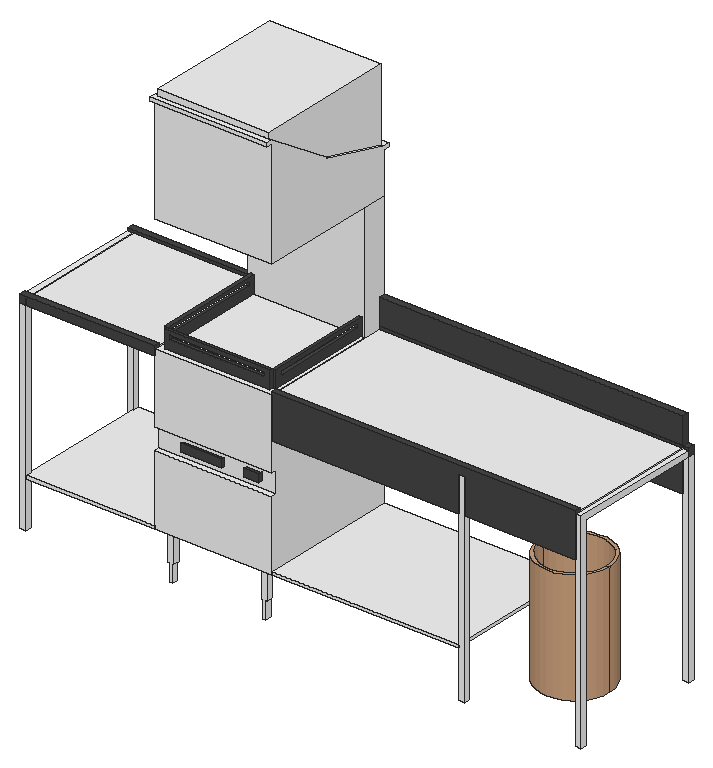
Revit family "Dishwasher_Cmrcl-Line", category Specialty Equipment, Revit 2012
Parameters (values of type "Chemical Sanitizer")
  clnmth = 0
  Work Surfaces = ARCAT - Metal - Stainless Steel - 304 - Satin
  Water Usage_GPH = 15
  Warranty Duration (Years) = 2
  Usage_Gal per Rack = ((Lenght / 1' 0") * Water Usage_GPH) / (Max Conveyor Speed_Ft_Min * 60)  # 0.5
  Test Data = ""
  Specification = "http://www.arcat.com/divs/sec/sec11440.shtml"
  Sales Information = ""
  Refuse Collector = ARCAT - Plastic - HDPE - Brown
  Product Properties = "http://www.arcat.com/bim/bim_info.pl?fn=Dishwasher_Cmrcl-Line"
  Product Data = "http://www.arcat.com/divs/sec/sec11440.shtml"
  Model = "Generic"  # constant formula
  Max Conveyor Speed_Ft_Min = 4
  Manufacturer Website = "http://www.arcat.com/"
  Manufacturer Phone - Toll Free = ""
  Manufacturer Phone = "(203) 929-9444"  # constant formula
  Manufacturer Fax = "(203) 939-2444"  # constant formula
  Manufacturer Email = "bim@arcat.com"  # constant formula
  Manufacturer Address = "1077 Bridgeport Ave, Shelton, CT  06484"  # constant formula
  Manufacturer = "Generic"  # constant formula
  Maintenance Schedule (Months) = 2
  Lenght = 8' - 0"
  Keynote = "11440"
  Installation_Fabricaton = ""
  Installation Phase = ""
  Height = 3' - 0"
  Guards = ARCAT - Plastic - ABS - Black
  Green Building-LEED = "http://www.arcat.com/green/green_building.shtml"
  Frame Material = ARCAT - Metal - Stainless Steel - 304 - Satin
  Expected Lifespan (Years) = 10
  Estar = if(or((and(clnmth = 1, Usage_Gal per Rack < 0.7)), (and(clnmth = 0, Usage_Gal per Rack < 0.62))), "Compliant", "Not Compliant")  # "Compliant"
  ENERGYSTAR = ""
  Drawn By = "Robert S. Weygant. CSI, CDT, SCIP"  # constant formula
  Description = "Commercial Line Dishwasher"
  Depth = 2' - 0"
  Copyright = "2008, ARCAT, Inc."  # constant formula
  Construction Details = "http://www.arcat.com/divs/sec/sec11440.shtml"
  Conformance = "ASTM F 1920"
  Cleaning Method = if(clnmth < 1, "Low Temperature Chemical Sanitizing", "High Temperature Hot Water Sanitizing")  # "Low Temperature Chemical Sanitizing"
  Building Codes = ""
  Body Material = ARCAT - Metal - Stainless Steel - 304 - Satin
  Assembly Code = "E1090320"
Types (2): name
  HIgh Temp Sanitizer
  Chemical Sanitizer
Reference planes (in)
  plane 1 "Center (Front/Back)": y = 0
  plane 2: z = 0
  plane 3 "Center (Left/Right)": x = 0
  plane 4: y = -24
  plane 5: y = -12
  plane 6: y = -23
  plane 7: x = 20
  plane 8: x = 52
  plane 9: x = 72
  plane 10: y = -2
  plane 11: y = -1
  plane 12: y = -22
  plane 13: x = -23
  plane 14: x = 0.51469
  plane 15: x = 19.5
  plane 16: x = -22
  plane 17: x = 53
  plane 18: x = 73
  plane 19: x = 1.5
  plane 20: x = 18.5
  plane 21: x = 2.5
  plane 22: x = 17.5
  plane 23: x = 1
  plane 24: x = 25
  plane 25: x = 49
  plane 26: z = 36
  plane 27: z = 35.56536
  plane 28: z = 34.56536
  plane 29: z = 21
  plane 30: z = 8
  plane 31: z = 8.5
  plane 32: z = 18
  plane 33: z = 75.56536
  plane 34: z = 35.06536
  plane 35: z = 35.06536
  plane 36: y = -23.5
  plane 37: y = -22
  plane 38: y = -22.5
  plane 39: y = -21.47028
Forms (in)
  Extrusion 1, solid, material "ARCAT - Metal - Stainless Steel - 304 - Satin" <- "Body Material"
    sketch origin (0, 0, 2) x (0, 1, 0) y (0, 0, 1)
      loop
        line (-4, 33.56536) -> (-24, 33.56536) -> (-24, 21.56536) -> (-23, 21.56536) -> (-23, 18) -> (-24, 18) -> (-24, 6) -> (0, 6) -> (0, 53.50286) -> (-4, 53.50286) -> (-4, 33.56536)
      loop
        line (0, 53.56536) -> (0, 60.62208) -> (1, 60.62208) -> (1, 61.12208) -> (0.08367, 61.12208) -> (-11.7553, 64.50991) -> (-23.82461, 72.56536) -> (-25, 72.56536) -> (-25, 72.06536) -> (-24, 72.06536) -> (-24, 53.56536) -> (0, 53.56536)
    from 0 to 20
  Extrusion 2, solid, material "ARCAT - Metal - Stainless Steel - 304 - Satin" <- "Frame Material"
    sketch origin (-34, 0, 0) x (0, 1, 0) y (0, 0, 1)
      loop
        line (0, 0) -> (0, 35.56536) -> (-24, 35.56536) -> (-24, 0) -> (-23, 0) -> (-23, 34.56536) -> (-1, 34.56536) -> (-1, 0) -> (0, 0)
    from 11 to 12
  Extrusion 3, solid, material "ARCAT - Plastic - ABS - Black" <- "Guards"
    sketch origin (0, 0, 0) x (1, 0, 0) y (0, 0, 1)
      loop
        line (-23, 36) -> (-23, 34.56536) -> (0, 34.56536) -> (0, 36) -> (-23, 36)
    from 0 to 1
  Extrusion 4, solid, material "ARCAT - Plastic - ABS - Black" <- "Guards"
    sketch origin (0, -19, 0) x (1, 0, 0) y (0, 0, 1)
      loop
        line (-23, 36) -> (-23, 34.56536) -> (0, 34.56536) -> (0, 36) -> (-23, 36)
    from 4 to 5
  Extrusion 5, solid, material "ARCAT - Metal - Stainless Steel - 304 - Satin" <- "Work Surfaces"
    sketch origin (0, 0, 8) x (1, 0, 0) y (0, 1, 0)
      loop
        line (-22, 0) -> (-22, -24) -> (0, -24) -> (0, 0) -> (-22, 0)
    from 0 to 0.5
  Extrusion 6, solid, material "ARCAT - Metal - Stainless Steel - 304 - Satin" <- "Work Surfaces"
    sketch origin (0, 0, 27.5) x (1, 0, 0) y (0, 1, 0)
      loop
        line (-22, -1) -> (-22, -23) -> (0, -23) -> (0, -1) -> (-22, -1)
    from 7.56536 to 8.06536
  Extrusion 7, solid, material "ARCAT - Metal - Stainless Steel - 304 - Satin" <- "Frame Material"
    sketch origin (-0.5, -18, 0) x (1, 0, 0) y (0, 0, 1)
      loop
        line (2, 8) -> (2, 3) -> (2.25, 3) -> (2.25, 0) -> (2.75, 0) -> (2.75, 3) -> (3, 3) -> (3, 8) -> (2, 8)
    from 4 to 5
  Extrusion 8, solid, material "ARCAT - Metal - Stainless Steel - 304 - Satin" <- "Frame Material"
    sketch origin (-0.5, -1, 0) x (1, 0, 0) y (0, 0, 1)
      loop
        line (2, 8) -> (2, 3) -> (2.25, 3) -> (2.25, 0) -> (2.75, 0) -> (2.75, 3) -> (3, 3) -> (3, 8) -> (2, 8)
    from 0 to 1
  Extrusion 9, solid, material "ARCAT - Metal - Stainless Steel - 304 - Satin" <- "Frame Material"
    sketch origin (41, 0, 0) x (0, 1, 0) y (0, 0, 1)
      loop
        line (0, 0) -> (0, 34.56536) -> (-1, 34.56536) -> (-1, 0) -> (0, 0)
      loop
        line (-24, 34.56536) -> (-24, 0) -> (-23, 0) -> (-23, 34.56536) -> (-24, 34.56536)
    from 11 to 12
  Extrusion 10, solid, material "ARCAT - Metal - Stainless Steel - 304 - Satin" <- "Frame Material"
    sketch origin (61, 0, 0) x (0, 1, 0) y (0, 0, 1)
      loop
        line (0, 0) -> (0, 35.56536) -> (-24, 35.56536) -> (-24, 0) -> (-23, 0) -> (-23, 34.56536) -> (-1, 34.56536) -> (-1, 0) -> (0, 0)
    from 11 to 12
  Extrusion 11, solid, material "ARCAT - Plastic - ABS - Black" <- "Guards"
    sketch origin (73, -19, 0) x (1, 0, 0) y (0, 0, 1)
      loop
        line (-53, 36) -> (-53, 28.56536) -> (-21, 28.56536) -> (-21, 34.56536) -> (-20, 34.56536) -> (-20, 28.56536) -> (-1, 28.56536) -> (-1, 36) -> (-53, 36)
    from 4 to 5
  Extrusion 12, solid, material "ARCAT - Plastic - ABS - Black" <- "Guards"
    sketch origin (73, 0, 0) x (1, 0, 0) y (0, 0, 1)
      loop
        line (-53, 36) -> (-53, 34.56536) -> (0, 34.56536) -> (0, 36) -> (-53, 36)
    from 0 to 1
  Extrusion 13, solid, material "ARCAT - Metal - Stainless Steel - 304 - Satin" <- "Frame Material"
    sketch origin (15.5, -18, 0) x (1, 0, 0) y (0, 0, 1)
      loop
        line (2, 8) -> (2, 3) -> (2.25, 3) -> (2.25, 0) -> (2.75, 0) -> (2.75, 3) -> (3, 3) -> (3, 8) -> (2, 8)
    from 4 to 5
  Extrusion 14, solid, material "ARCAT - Metal - Stainless Steel - 304 - Satin" <- "Frame Material"
    sketch origin (15.5, -1, 0) x (1, 0, 0) y (0, 0, 1)
      loop
        line (2, 8) -> (2, 3) -> (2.25, 3) -> (2.25, 0) -> (2.75, 0) -> (2.75, 3) -> (3, 3) -> (3, 8) -> (2, 8)
    from 0 to 1
  Extrusion 15, solid, material "ARCAT - Metal - Stainless Steel - 304 - Satin" <- "Work Surfaces"
    sketch origin (42, 0, 8) x (1, 0, 0) y (0, 1, 0)
      loop
        line (-22, 0) -> (-22, -24) -> (10, -24) -> (10, 0) -> (-22, 0)
    from 0 to 0.5
  Extrusion 16, solid, material "ARCAT - Metal - Stainless Steel - 304 - Satin" <- "Body Material"
    sketch origin (0, 0, 0) x (0, 1, 0) y (0, 0, 1)
      loop
        line (-24, 75.56536) -> (-24, 74.56536) -> (-23.82461, 74.56536) -> (-11.7553, 66.50991) -> (0, 63.15089) -> (0, 75.56536) -> (-24, 75.56536)
    from 0.51469 to 19.5
  Extrusion 17, solid, material "ARCAT - Plastic - ABS - Black" <- "Guards"
    sketch origin (73, 0, 0) x (1, 0, 0) y (0, 0, 1)
      loop
        line (-53, 40.52854) -> (-53, 28.56536) -> (-21, 28.56536) -> (-21, 34.56536) -> (-20, 34.56536) -> (-20, 28.56536) -> (-1, 28.56536) -> (-1, 40.52854) -> (-53, 40.52854)
    from 0 to 1
  Extrusion 18, solid, not visible
    sketch origin (42, 0, 27.5) x (1, 0, 0) y (0, 1, 0)
      loop
        line (-22, -1) -> (-22, -19) -> (30, -19) -> (30, -1) -> (-22, -1)
      loop
        arc (-17.90324, -5.02728) -> (-18.78713, -5.3934) -> (-19.15324, -6.27728) r 1.25
        line (-19.15324, -6.27728) -> (-19.15324, -11.52728)
        arc (-19.15324, -11.52728) -> (-18.7139, -12.58794) -> (-17.65324, -13.02728) r 1.5
        line (-17.65324, -13.02728) -> (-6.40324, -13.02728)
        arc (-6.40324, -13.02728) -> (-5.51936, -12.66116) -> (-5.15324, -11.77728) r 1.25
        line (-5.15324, -11.77728) -> (-5.15324, -6.27728)
        arc (-5.15324, -6.27728) -> (-5.51936, -5.3934) -> (-6.40324, -5.02728) r 1.25
        line (-6.40324, -5.02728) -> (-17.90324, -5.02728)
    from 7.56536 to 8.06536
  Extrusion 19, solid, not visible
    sketch origin (0, 0, 29.56536) x (1, 0, 0) y (0, 1, 0)
      loop
        line (22.84676, -6.27728) -> (22.84676, -11.52728)
        arc (22.84676, -11.52728) -> (23.2861, -12.58794) -> (24.34676, -13.02728) r 1.5
        line (24.34676, -13.02728) -> (35.59676, -13.02728)
        arc (35.59676, -13.02728) -> (36.48064, -12.66116) -> (36.84676, -11.77728) r 1.25
        line (36.84676, -11.77728) -> (36.84676, -6.27728)
        arc (36.84676, -6.27728) -> (36.48064, -5.3934) -> (35.59676, -5.02728) r 1.25
        line (35.59676, -5.02728) -> (24.09676, -5.02728)
        arc (24.09676, -5.02728) -> (23.21287, -5.3934) -> (22.84676, -6.27728) r 1.25
      loop
        line (35.59676, -4.02728) -> (24.09676, -4.02728)
        arc (24.09676, -4.02728) -> (22.50577, -4.68629) -> (21.84676, -6.27728) r 2.25
        line (21.84676, -6.27728) -> (21.84676, -11.52728)
        arc (21.84676, -11.52728) -> (22.57899, -13.29505) -> (24.34676, -14.02728) r 2.5
        line (24.34676, -14.02728) -> (35.59676, -14.02728)
        arc (35.59676, -14.02728) -> (37.18775, -13.36827) -> (37.84676, -11.77728) r 2.25
        line (37.84676, -11.77728) -> (37.84676, -6.27728)
        arc (37.84676, -6.27728) -> (37.18775, -4.68629) -> (35.59676, -4.02728) r 2.25
    from 6 to 6.43464
  Extrusion 20, solid, material "ARCAT - Metal - Stainless Steel - 304 - Satin" <- "Work Surfaces"
    sketch origin (72, 0, 27.5) x (1, 0, 0) y (0, 1, 0)
      loop
        line (-52, -1) -> (-52, -23) -> (0, -23) -> (0, -1) -> (-52, -1)
    from 7.56536 to 8.06536
  Revolve 21, solid, material "ARCAT - Plastic - HDPE - Brown" <- "Refuse Collector"
    sketch origin (-0.01046, -12, -0.33457) x (1, 0, 0) y (0, 0, 1)
      loop
        line (68.29138, 2) -> (68.29138, 21.24866) -> (67.79138, 21.24866) -> (67.79138, 2.5) -> (62.29138, 2.5) -> (62.29138, 2) -> (68.29138, 2)
      axis (62.29138, 2) -> (62.29138, 21.24866)
    angle from 0 to 360
  Extrusion 22, solid, material "ARCAT - Plastic - ABS - Black"
    sketch origin (0, -23, 0) x (1, 0, 0) y (0, 0, 1)
      loop
        line (4.14481, 22.36927) -> (4.14481, 21) -> (11.05945, 21) -> (11.05945, 22.36927) -> (4.14481, 22.36927)
      loop
        line (14.92135, 22.36927) -> (14.92135, 21) -> (17.5, 21) -> (17.5, 22.36927) -> (14.92135, 22.36927)
    from 0 to 0.5
  Extrusion 23, solid, material "ARCAT - Plastic - ABS - Black" <- "Guards"
    sketch origin (0.5, 0, 0) x (0, 1, 0) y (0, 0, 1)
      loop
        line (-4, 35.56536) -> (-4, 38.56536) -> (-22.5, 38.56536) -> (-22.5, 35.56536) -> (-4, 35.56536)
      loop
        line (-4.91069, 37.9867) -> (-21.47028, 37.9867) -> (-21.47028, 37.2367) -> (-4.91069, 37.2367) -> (-4.91069, 37.9867)
    from 0 to 0.5
  Extrusion 24, solid, material "ARCAT - Plastic - ABS - Black" <- "Guards"
    sketch origin (19, 0, 0) x (0, 1, 0) y (0, 0, 1)
      loop
        line (-4, 35.56536) -> (-4, 38.56536) -> (-22.5, 38.56536) -> (-22.5, 35.56536) -> (-4, 35.56536)
      loop
        line (-4.91069, 37.9867) -> (-21.47028, 37.9867) -> (-21.47028, 37.2367) -> (-4.91069, 37.2367) -> (-4.91069, 37.9867)
    from 0 to 0.5
  Extrusion 25, solid, material "ARCAT - Plastic - ABS - Black" <- "Guards"
    sketch origin (0, -22.5, 0) x (1, 0, 0) y (0, 0, 1)
      loop
        line (1, 38.56536) -> (1, 35.56536) -> (19, 35.56536) -> (19, 38.56536) -> (1, 38.56536)
      loop
        line (1.8251, 37.96778) -> (1.8251, 37.21778) -> (18.0751, 37.21778) -> (18.0751, 37.96778) -> (1.8251, 37.96778)
    from 0 to 0.5
Cuts and joins
  joined: Extrusion 23, Extrusion 24
Dimensions and locks (in)
  "Depth": plane 1 "Center (Front/Back)" to plane 4
  equal spacing: plane 1 "Center (Front/Back)", plane 5, plane 4
  locked: plane 6 to plane 4 at 1
  locked: plane 11 to plane 10 at 1
  locked: plane 1 "Center (Front/Back)" to plane 11 at 1
  locked: plane 12 to plane 6 at 1
  Extrusion 1 sketch curve to Extrusion 1 sketch curve = 0' - 1"  (x2)
  "Lenght": plane 13 to plane 18
  locked: plane 13 to plane 16 at 1
  locked: plane 3 "Center (Left/Right)" to plane 14 at 0.51469
  locked: plane 15 to plane 7 at 0.5
  locked: plane 9 to plane 18 at 1
  locked: plane 8 to plane 17 at 1
  equal spacing: plane 13, plane 23, plane 24, plane 25, plane 18
  locked: plane 25 to plane 8 at 3
  locked: plane 23 to plane 3 "Center (Left/Right)" at 1
  locked: plane 21 to plane 19 at 1
  locked: plane 20 to plane 22 at 1
  locked: plane 19 to plane 3 "Center (Left/Right)" at 1.5
  locked: plane 20 to plane 7 at 1.5
  "Height": plane 26 to level
  equal spacing: plane 26, plane 32, level
  locked: plane 26 to plane 27 at 0.43464
  locked: plane 30 to level at 8
  locked: plane 31 to plane 30 at 0.5
  locked: plane 27 to plane 28 at 1
  Extrusion 16 sketch curve to plane 33 = 0' - 1"
  Extrusion 16 sketch curve to Extrusion 16 sketch curve = 1' - 0.41447"
  locked: plane 33 to plane 26 at 39.56536
  locked: plane 26 to plane 34 at 0.93464
  locked: plane 26 to plane 35 at 0.93464
  Revolve 21 sketch curve to Revolve 21 sketch curve = 0' - 5 1/2"
  Revolve 21 sketch curve to Revolve 21 sketch curve = 0' - 0 1/2"
  locked: plane 6 to plane 36 at 0.5
  plane 37 to plane 38 = 0' - 0 1/2"
  locked: plane 38 to plane 4 at 1.5
  locked: plane 39 to plane 37 at 0.52972
  aligned and locked: Extrusion 1 to plane 1 "Center (Front/Back)"
  aligned and locked: Extrusion 1 to plane 4  (x2)
  aligned and locked: Extrusion 1 to Extrusion 1
  aligned and locked: Extrusion 3 to plane 1 "Center (Front/Back)"
  aligned and locked: Extrusion 3 to Extrusion 2
  aligned and locked: Extrusion 1 to Extrusion 2  (x2)
  aligned and locked: Extrusion 2 to plane 4  (x2)
  aligned and locked: Extrusion 2 to Extrusion 1
  aligned and locked: Extrusion 2 to Extrusion 4
  aligned and locked: Extrusion 4 to Extrusion 2
  aligned and locked: plane 6 to Extrusion 4  (x2)
  aligned and locked: Extrusion 4 to plane 6  (x2)
  aligned and locked: plane 6 to Extrusion 2  (x4)
  aligned and locked: Extrusion 5 to plane 1 "Center (Front/Back)"
  aligned and locked: plane 1 "Center (Front/Back)" to Extrusion 5
  aligned and locked: Extrusion 5 to plane 4  (x2)
  aligned and locked: Extrusion 6 to plane 6  (x3)
  aligned and locked: Extrusion 11 to plane 4
  aligned and locked: Extrusion 10 to plane 4
  aligned and locked: Extrusion 4 to plane 4
  aligned and locked: plane 6 to Extrusion 11
  aligned and locked: Extrusion 11 to plane 6  (x3)
  aligned and locked: Extrusion 1 to Extrusion 3
  aligned and locked: Extrusion 1 to Extrusion 10
  aligned and locked: Extrusion 3 to Extrusion 1
  aligned and locked: Extrusion 1 to Extrusion 12
  aligned and locked: plane 4 to Extrusion 4  (x2)
  aligned and locked: Extrusion 9 to plane 4
  aligned and locked: plane 6 to Extrusion 10  (x2)
  aligned and locked: plane 6 to Extrusion 9  (x2)
  aligned and locked: Extrusion 11 to Extrusion 1
  aligned and locked: Extrusion 4 to Extrusion 11
  aligned and locked: Extrusion 11 to Extrusion 10
  aligned and locked: Extrusion 11 to Extrusion 9
  aligned and locked: plane 6 to Extrusion 6
  aligned and locked: Extrusion 15 to plane 4
  aligned and locked: plane 4 to Extrusion 15
  aligned and locked: plane 11 to Extrusion 2  (x2)
  aligned and locked: Extrusion 8 to plane 11
  aligned and locked: plane 10 to Extrusion 8
  aligned and locked: Extrusion 8 to plane 10  (x5)
  aligned and locked: Extrusion 7 to plane 12
  aligned and locked: Extrusion 13 to plane 12
  aligned and locked: plane 12 to Extrusion 13
  aligned and locked: plane 12 to Extrusion 7
  aligned and locked: Extrusion 7 to plane 6
  aligned and locked: Extrusion 13 to plane 6
  aligned and locked: plane 6 to Extrusion 7  (x2)
  aligned and locked: plane 1 "Center (Front/Back)" to Extrusion 16
  aligned and locked: Extrusion 16 to plane 4  (x2)
  aligned and locked: Extrusion 10 to plane 1 "Center (Front/Back)"
  aligned and locked: Extrusion 17 to plane 1 "Center (Front/Back)"
  aligned and locked: Extrusion 12 to plane 1 "Center (Front/Back)"
  aligned and locked: Extrusion 9 to plane 1 "Center (Front/Back)"
  aligned and locked: plane 1 "Center (Front/Back)" to Extrusion 17
  aligned and locked: plane 13 to Extrusion 2
  aligned and locked: Extrusion 2 to plane 13  (x3)
  aligned and locked: plane 13 to Extrusion 4  (x2)
  aligned and locked: plane 13 to Extrusion 3
  aligned and locked: Extrusion 2 to plane 16
  aligned and locked: plane 16 to Extrusion 2  (x5)
  aligned and locked: plane 16 to Extrusion 6
  aligned and locked: Extrusion 10 to plane 18
  aligned and locked: plane 18 to Extrusion 10  (x4)
  aligned and locked: Extrusion 12 to plane 18  (x6)
  aligned and locked: Extrusion 11 to plane 9  (x10)
  aligned and locked: Extrusion 17 to plane 9  (x4)
  aligned and locked: Extrusion 10 to plane 9  (x8)
  aligned and locked: Extrusion 1 to plane 3 "Center (Left/Right)"
  aligned and locked: plane 3 "Center (Left/Right)" to Extrusion 1  (x5)
  aligned and locked: plane 3 "Center (Left/Right)" to Extrusion 4  (x2)
  aligned and locked: plane 3 "Center (Left/Right)" to Extrusion 3
  aligned and locked: plane 3 "Center (Left/Right)" to Extrusion 6
  aligned and locked: plane 14 to Extrusion 16
  aligned and locked: Extrusion 16 to plane 14  (x2)
  aligned and locked: Extrusion 16 to plane 15
  aligned and locked: plane 15 to Extrusion 16  (x3)
  aligned and locked: Extrusion 9 to plane 17
  aligned and locked: plane 17 to Extrusion 11
  aligned and locked: plane 17 to Extrusion 17
  aligned and locked: plane 17 to Extrusion 9
  aligned and locked: Extrusion 11 to plane 8
  aligned and locked: plane 8 to Extrusion 9
  aligned and locked: Extrusion 15 to plane 8
  aligned and locked: Extrusion 9 to plane 8
  aligned and locked: Extrusion 1 to plane 7
  aligned and locked: plane 7 to Extrusion 1  (x2)
  aligned and locked: plane 7 to Extrusion 11  (x2)
  aligned and locked: plane 7 to Extrusion 15
  aligned and locked: plane 16 to Extrusion 5
  aligned and locked: Extrusion 5 to plane 16
  aligned and locked: Extrusion 7 to plane 19  (x2)
  aligned and locked: Extrusion 8 to plane 19
  aligned and locked: plane 21 to Extrusion 7  (x2)
  aligned and locked: plane 21 to Extrusion 8
  aligned and locked: Extrusion 13 to plane 22  (x2)
  aligned and locked: Extrusion 14 to plane 22
  aligned and locked: plane 20 to Extrusion 13  (x2)
  aligned and locked: plane 20 to Extrusion 14
  aligned and locked: Extrusion 4 to plane 26  (x2)
  aligned and locked: Extrusion 3 to plane 26  (x2)
  aligned and locked: Extrusion 11 to plane 26  (x6)
  aligned and locked: Extrusion 12 to plane 26  (x3)
  aligned and locked: Extrusion 1 to plane 27  (x3)
  aligned and locked: Extrusion 2 to plane 27
  aligned and locked: plane 27 to Extrusion 2  (x2)
  aligned and locked: Extrusion 10 to plane 27
  aligned and locked: plane 27 to Extrusion 10  (x2)
  aligned and locked: Extrusion 6 to plane 27
  aligned and locked: plane 27 to Extrusion 6
  aligned and locked: plane 28 to Extrusion 4  (x8)
  aligned and locked: plane 28 to Extrusion 3  (x2)
  aligned and locked: plane 28 to Extrusion 2
  aligned and locked: plane 28 to Extrusion 12  (x5)
  aligned and locked: plane 28 to Extrusion 11
  aligned and locked: Extrusion 5 to plane 31
  aligned and locked: plane 31 to Extrusion 5  (x2)
  aligned and locked: Extrusion 15 to plane 31
  aligned and locked: plane 31 to Extrusion 15  (x3)
  aligned and locked: plane 30 to Extrusion 15
  aligned and locked: Extrusion 15 to plane 30
  aligned and locked: plane 30 to Extrusion 1  (x2)
  aligned and locked: plane 28 to Extrusion 17
  aligned and locked: Extrusion 9 to plane 28
  aligned and locked: Extrusion 16 to plane 33
  aligned and locked: plane 33 to Extrusion 16
  aligned and locked: plane 34 to Extrusion 6
  aligned and locked: Extrusion 6 to plane 34
  aligned and locked: Extrusion 20 to plane 7  (x2)
  aligned and locked: plane 7 to Extrusion 12
  aligned and locked: Extrusion 20 to plane 9  (x2)
  aligned and locked: Extrusion 20 to plane 27  (x3)
  aligned and locked: plane 27 to Extrusion 20  (x3)
  aligned and locked: Extrusion 20 to plane 35
  aligned and locked: plane 35 to Extrusion 20  (x4)
  aligned and locked: Extrusion 1 to plane 6
  aligned and locked: plane 6 to Extrusion 22
  aligned and locked: Extrusion 22 to plane 6
  aligned and locked: Extrusion 22 to plane 36
  aligned and locked: plane 36 to Extrusion 22  (x5)
  aligned and locked: cut or joined group of Extrusion 23, Extrusion 24 to plane 38  (x5)
  aligned and locked: Extrusion 23 to plane 38  (x3)
  aligned and locked: plane 38 to cut or joined group of Extrusion 23, Extrusion 24  (x5)
  aligned and locked: plane 39 to cut or joined group of Extrusion 23, Extrusion 24  (x4)
  aligned and locked: Extrusion 25 to plane 6
  aligned and locked: plane 6 to Extrusion 25  (x5)
  aligned and locked: plane 38 to Extrusion 25
  aligned and locked: Extrusion 25 to plane 38  (x6)
Automatic sketch dimensions
  Extrusion 18 sketch curve to Extrusion 18 sketch curve = 0' - 1 1/4"  (x2)
  Extrusion 18 sketch curve to Extrusion 18 sketch curve = 0' - 1 1/2"
  Extrusion 18 sketch curve to Extrusion 18 sketch curve = 0' - 11 1/4"
  Extrusion 18 sketch curve to Extrusion 18 sketch curve = 0' - 0"
  Extrusion 19 sketch curve to Extrusion 19 sketch curve = 0' - 0"  (x16)
  Extrusion 19 sketch curve to Extrusion 19 sketch curve = 0' - 1 1/4"  (x2)
  Extrusion 19 sketch curve to Extrusion 19 sketch curve = 0' - 1"
  Extrusion 19 sketch curve to Extrusion 19 sketch curve = 0' - 1 1/2"
  Extrusion 18 sketch curve to Extrusion 18 sketch curve = 0' - 2.84676"
  Extrusion 18 sketch curve to Extrusion 18 sketch curve = 2' - 11.15324"
  Extrusion 18 sketch curve to Extrusion 18 sketch curve = 0' - 5.97272"
  Extrusion 18 sketch curve to Extrusion 18 sketch curve = 0' - 5 1/4"
  Extrusion 18 sketch curve to Extrusion 18 sketch curve = 0' - 4.02728"
  Extrusion 19 sketch curve to Extrusion 19 sketch curve = 0' - 11 1/2"
  Extrusion 19 sketch curve to Extrusion 19 sketch curve = 0' - 5 1/4"
  Extrusion 1 sketch curve to plane 4 = 0' - 0"  (x3)
  Extrusion 1 sketch curve to plane 6 = 0' - 0"
  Extrusion 1 sketch curve to plane 27 = 0' - 0"
  Extrusion 1 sketch curve to plane 1 "Center (Front/Back)" = 0' - 0"  (x2)
  Extrusion 1 sketch curve to plane 30 = 0' - 0"
  plane 4 to Extrusion 1 sketch curve = 0' - 0.17539"
  plane 5 to Extrusion 1 sketch curve = 0' - 0.2447"
  plane 10 to Extrusion 1 sketch curve = 0' - 2"
  Extrusion 1 sketch curve to plane 1 "Center (Front/Back)" = 0' - 0.08367"
  Extrusion 1 sketch curve to plane 29 = 0' - 1"
  plane 29 to Extrusion 1 sketch curve = 0' - 2.56536"
  Extrusion 1 sketch curve to plane 26 = 1' - 7.50286"
  Extrusion 1 sketch curve to Extrusion 1 sketch curve = 0' - 0 1/16"
  Extrusion 1 sketch curve to Extrusion 1 sketch curve = 0' - 7.05672"
  Extrusion 1 sketch curve to Extrusion 1 sketch curve = 0' - 0 1/2"  (x2)
  plane 33 to Extrusion 1 sketch curve = 0' - 9.05545"
  plane 33 to Extrusion 1 sketch curve = 0' - 1 1/2"
  Extrusion 2 sketch curve to level = 0' - 0"  (x2)
  Extrusion 2 sketch curve to plane 4 = 0' - 0"
  Extrusion 2 sketch curve to plane 6 = 0' - 0"
  Extrusion 2 sketch curve to plane 11 = 0' - 0"
  Extrusion 2 sketch curve to plane 1 "Center (Front/Back)" = 0' - 0"
  Extrusion 2 sketch curve to plane 28 = 0' - 0"
  Extrusion 2 sketch curve to plane 27 = 0' - 0"
  Extrusion 3 sketch curve to plane 13 = 0' - 0"
  Extrusion 3 sketch curve to plane 3 "Center (Left/Right)" = 0' - 0"
  Extrusion 3 sketch curve to plane 28 = 0' - 0"
  Extrusion 3 sketch curve to plane 26 = 0' - 0"
  Extrusion 4 sketch curve to plane 13 = 0' - 0"
  Extrusion 4 sketch curve to plane 3 "Center (Left/Right)" = 0' - 0"
  Extrusion 4 sketch curve to plane 28 = 0' - 0"
  Extrusion 4 sketch curve to plane 26 = 0' - 0"
  Extrusion 5 sketch curve to plane 4 = 0' - 0"
  Extrusion 5 sketch curve to plane 16 = 0' - 0"
  Extrusion 5 sketch curve to plane 3 "Center (Left/Right)" = 0' - 0"
  Extrusion 5 sketch curve to plane 1 "Center (Front/Back)" = 0' - 0"
  Extrusion 6 sketch curve to plane 6 = 0' - 0"
  Extrusion 6 sketch curve to plane 16 = 0' - 0"
  Extrusion 6 sketch curve to plane 3 "Center (Left/Right)" = 0' - 0"
  Extrusion 6 sketch curve to plane 11 = 0' - 0"
  Extrusion 7 sketch curve to plane 19 = 0' - 0"
  Extrusion 7 sketch curve to level = 0' - 0"
  Extrusion 7 sketch curve to plane 21 = 0' - 0"
  Extrusion 7 sketch curve to plane 30 = 0' - 0"
  plane 19 to Extrusion 7 sketch curve = 0' - 0 1/4"
  Extrusion 7 sketch curve to plane 21 = 0' - 0 1/4"
  Extrusion 7 sketch curve to Extrusion 7 sketch curve = 0' - 3"
  Extrusion 7 sketch curve to Extrusion 7 sketch curve = 0' - 0"
  Extrusion 8 sketch curve to plane 19 = 0' - 0"
  Extrusion 8 sketch curve to level = 0' - 0"
  Extrusion 8 sketch curve to plane 21 = 0' - 0"
  Extrusion 8 sketch curve to plane 30 = 0' - 0"
  plane 19 to Extrusion 8 sketch curve = 0' - 0 1/4"
  Extrusion 8 sketch curve to plane 21 = 0' - 0 1/4"
  Extrusion 8 sketch curve to Extrusion 8 sketch curve = 0' - 3"
  Extrusion 8 sketch curve to Extrusion 8 sketch curve = 0' - 0"
  Extrusion 9 sketch curve to level = 0' - 0"  (x2)
  Extrusion 9 sketch curve to plane 4 = 0' - 0"
  Extrusion 9 sketch curve to plane 6 = 0' - 0"
  Extrusion 9 sketch curve to plane 11 = 0' - 0"
  Extrusion 9 sketch curve to plane 1 "Center (Front/Back)" = 0' - 0"
  Extrusion 9 sketch curve to plane 28 = 0' - 0"  (x2)
  Extrusion 10 sketch curve to level = 0' - 0"  (x2)
  Extrusion 10 sketch curve to plane 4 = 0' - 0"
  Extrusion 10 sketch curve to plane 6 = 0' - 0"
  Extrusion 10 sketch curve to plane 11 = 0' - 0"
  Extrusion 10 sketch curve to plane 1 "Center (Front/Back)" = 0' - 0"
  Extrusion 10 sketch curve to plane 28 = 0' - 0"
  Extrusion 10 sketch curve to plane 27 = 0' - 0"
  Extrusion 11 sketch curve to plane 7 = 0' - 0"
  Extrusion 11 sketch curve to plane 8 = 0' - 0"
  Extrusion 11 sketch curve to plane 17 = 0' - 0"
  Extrusion 11 sketch curve to plane 9 = 0' - 0"
  Extrusion 11 sketch curve to plane 28 = 0' - 0"
  Extrusion 11 sketch curve to plane 26 = 0' - 0"
  plane 28 to Extrusion 11 sketch curve = 0' - 6"
  Extrusion 11 sketch curve to Extrusion 11 sketch curve = 0' - 0"
  Extrusion 12 sketch curve to plane 7 = 0' - 0"
  Extrusion 12 sketch curve to plane 18 = 0' - 0"
  Extrusion 12 sketch curve to plane 28 = 0' - 0"
  Extrusion 12 sketch curve to plane 26 = 0' - 0"
  Extrusion 13 sketch curve to plane 22 = 0' - 0"
  Extrusion 13 sketch curve to level = 0' - 0"
  Extrusion 13 sketch curve to plane 20 = 0' - 0"
  Extrusion 13 sketch curve to plane 30 = 0' - 0"
  plane 22 to Extrusion 13 sketch curve = 0' - 0 1/4"
  Extrusion 13 sketch curve to plane 20 = 0' - 0 1/4"
  Extrusion 13 sketch curve to Extrusion 13 sketch curve = 0' - 3"
  Extrusion 13 sketch curve to Extrusion 13 sketch curve = 0' - 0"
  Extrusion 14 sketch curve to plane 22 = 0' - 0"
  Extrusion 14 sketch curve to level = 0' - 0"
  Extrusion 14 sketch curve to plane 20 = 0' - 0"
  Extrusion 14 sketch curve to plane 30 = 0' - 0"
  plane 22 to Extrusion 14 sketch curve = 0' - 0 1/4"
  Extrusion 14 sketch curve to plane 20 = 0' - 0 1/4"
  Extrusion 14 sketch curve to Extrusion 14 sketch curve = 0' - 3"
  Extrusion 14 sketch curve to Extrusion 14 sketch curve = 0' - 0"
  Extrusion 15 sketch curve to plane 4 = 0' - 0"
  Extrusion 15 sketch curve to plane 7 = 0' - 0"
  Extrusion 15 sketch curve to plane 8 = 0' - 0"
  Extrusion 15 sketch curve to plane 1 "Center (Front/Back)" = 0' - 0"
  Extrusion 16 sketch curve to plane 4 = 0' - 0"
  Extrusion 16 sketch curve to plane 1 "Center (Front/Back)" = 0' - 0"
  Extrusion 16 sketch curve to plane 33 = 0' - 0"
  plane 4 to Extrusion 16 sketch curve = 0' - 0.17539"
  plane 5 to Extrusion 16 sketch curve = 0' - 0.2447"
  plane 33 to Extrusion 16 sketch curve = 0' - 9.05545"
  Extrusion 17 sketch curve to plane 7 = 0' - 0"
  Extrusion 17 sketch curve to plane 8 = 0' - 0"
  Extrusion 17 sketch curve to plane 17 = 0' - 0"
  Extrusion 17 sketch curve to plane 9 = 0' - 0"
  Extrusion 17 sketch curve to plane 28 = 0' - 0"
  plane 28 to Extrusion 17 sketch curve = 0' - 6"
  Extrusion 17 sketch curve to Extrusion 17 sketch curve = 0' - 0"
  Extrusion 17 sketch curve to plane 26 = 0' - 4.52854"
  Extrusion 20 sketch curve to plane 6 = 0' - 0"
  Extrusion 20 sketch curve to plane 7 = 0' - 0"
  Extrusion 20 sketch curve to plane 9 = 0' - 0"
  Extrusion 20 sketch curve to plane 11 = 0' - 0"
  level to Revolve 21 sketch curve = 0' - 1.66543"
  Revolve 21 sketch curve to plane 17 = 0' - 9.28092"
  Revolve 21 sketch curve to Revolve 21 sketch curve = 0' - 0"  (x2)
  Revolve 21 sketch curve to Revolve 21 sketch curve = 0' - 0 1/2"
  Revolve 21 sketch curve to plane 29 = 0' - 0.08591"
  plane 28 to Revolve 21 sketch curve = 0' - 3.39992"
  Extrusion 22 sketch curve to plane 29 = 0' - 0"  (x2)
  Extrusion 22 sketch curve to plane 22 = 0' - 0"
  Extrusion 22 sketch curve to Extrusion 22 sketch curve = 0' - 2.57865"
  plane 29 to Extrusion 22 sketch curve = 0' - 1.36927"
  Extrusion 22 sketch curve to Extrusion 22 sketch curve = 0' - 3.8619"
  plane 21 to Extrusion 22 sketch curve = 0' - 1.64481"
  Extrusion 22 sketch curve to Extrusion 22 sketch curve = 0' - 1.36927"
  Extrusion 23 sketch curve to plane 27 = 0' - 0"
  Extrusion 23 sketch curve to plane 12 = 0' - 0.52972"
  plane 10 to Extrusion 23 sketch curve = 0' - 2.91069"
  Extrusion 23 sketch curve to Extrusion 23 sketch curve = 0' - 0.91069"
  Extrusion 23 sketch curve to plane 26 = 0' - 1.2367"
  Extrusion 23 sketch curve to Extrusion 23 sketch curve = 0' - 0 3/4"
  Extrusion 23 sketch curve to Extrusion 23 sketch curve = 0' - 0.57865"
  Extrusion 24 sketch curve to plane 27 = 0' - 0"
  Extrusion 24 sketch curve to plane 12 = 0' - 0.52972"
  plane 10 to Extrusion 24 sketch curve = 0' - 2.91069"
  Extrusion 24 sketch curve to Extrusion 24 sketch curve = 0' - 0.91069"
  Extrusion 24 sketch curve to plane 26 = 0' - 1.2367"
  Extrusion 24 sketch curve to Extrusion 24 sketch curve = 0' - 0 3/4"
  Extrusion 24 sketch curve to Extrusion 24 sketch curve = 0' - 0.57865"
  plane 6 to Extrusion 23 sketch curve = 0' - 0 1/2"
  plane 6 to Extrusion 24 sketch curve = 0' - 0 1/2"
  Extrusion 25 sketch curve to plane 23 = 0' - 0"
  Extrusion 25 sketch curve to plane 27 = 0' - 0"
  plane 19 to Extrusion 25 sketch curve = 0' - 0.3251"
  Extrusion 25 sketch curve to plane 20 = 0' - 0.4249"
  plane 15 to Extrusion 25 sketch curve = 0' - 0 1/2"
  Extrusion 25 sketch curve to plane 26 = 0' - 1.21778"
  Extrusion 25 sketch curve to Extrusion 25 sketch curve = 0' - 0 3/4"
  Extrusion 25 sketch curve to Extrusion 25 sketch curve = 0' - 0.59757"
